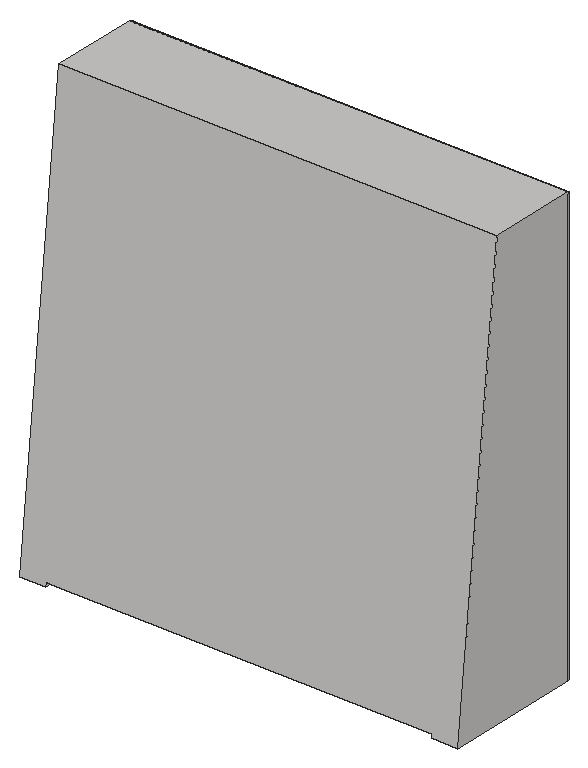
Revit family "PRD_FrankeWS_WlHngWshBsns_AnimaWashbasin_ANMX500,501,600,601", category Plumbing Fixtures, host Face, Revit 2018
Family settings
  Host = Face
  Round Connector Dimension = Use Diameter
  Part Type = Normal
  OmniClass Number = 23.45.05.14.14
  OmniClass Title = Sinks/Lavatories
  Cut with Voids When Loaded = No
  Shared = No
  Room Calculation Point = No
Parameters (values of type "ANMX500 - without taphole")
  WaterSupplyOverflowAndWasteHolesWaterSupply = "No tapholes"
  WaterSupplyOverflowAndWasteHolesWaste = "Center-Center"
  WaterSupplyOverflowAndWasteHolesOverflow = "None"
  WasteSize = 32.048 mm
  WashbasinMaterial = PRD_AR_StainlessSteel_SatinFinished
  WashHandBasinType = "HandRinse"
  WashHandBasinMounting = "WallHung"
  WarrantyStartDate [instance] = "1900-12-31T23:59:59"
  WarrantyGuarantorParts = "n/a"
  WarrantyGuarantorLabor = "n/a"
  WarrantyDurationUnit = "year"
  WarrantyDurationParts = "n/a"
  WarrantyDurationLabor = "n/a"
  WarrantyDescription = "n/a"
  Version = "1"
  Uniclass2015Version = "Products v1.10"
  Uniclass2015Title = "Wall-hung wash basins"
  Uniclass2015Code = "Pr_40_20_96_96"
  URL = "www.kwc.com"
  Type = ANMX500 : ANMX500
  Taphole = no
  TagNumber [instance] = "n/a"
  SustainabilityPerformance = "n/a"
  Standard = "n/a"
  Size = "500 x 500 x 160 mm"
  Shape = "Rectangular"
  SerialNumber [instance] = "n/a"
  Revision = "n/a"
  ReplacementCost = "n/a"
  ProductInformation = "https://pim.kwc.com/product/2000056724/attachment/datasheet?locale=en"
  OverflowClass = "n/a"
  NominalWidth = 500 mm
  NominalHeight = 160 mm
  NominalDepth = 500 mm
  NetWeight = 9.00 kg
  Name = "ANIMA wall-hung wash basin ANMX500"
  NBSTypeID = "n/a"
  NBSReference = "45-35-70/369"
  NBSOfficeMasterTag = "n/a"
  NBSNote = "n/a"
  NBSDescription = "Wall hung wash basins"
  NBSCertification = "n/a"
  ModelReference = "ANMX500"
  ModelNumber = "2000056724"
  Model = ModelReference  # "ANMX500"
  MaterialsFinishAndColour = "Stainless steel, satin finished"
  MaterialsBody = "Stainless steel 1.4301"
  Material = "Stainless steel"
  ManufacturerURL = "www.kwc.com"
  ManufacturerName = "KWC Group AG"  # constant formula
  Manufacturer = ManufacturerName  # "KWC Group AG"
  IntegralAccessories = "Incl. stainless steel screws and dowels"
  InstallationDate [instance] = "1900-12-31T23:59:59"
  IfcExportType = "WASHHANDBASIN"
  IfcExportAs = "IfcSanitaryTerminalType"
  GrossWeight = 10.20 kg
  Grade = "n/a"
  Form = "Wall hung wash basin"
  Finish = "Satin finished"
  Features = "stainless steel, 1.20 mm, satin finished, wall mounting, 500x160x500 mm (WxHxD)"
  ExpectedLife = "n/a"
  DurationUnit = "year"
  DrainSize = "DN 32 (1 1/4 inch.)"
  Description = "Wash basin for disabled for wall mounting, stainless steel, surface satin finished, material thickness 1.2 mm, seamless welded round bowl with diameter 350 mm, rectangular shape, 75 mm tap ledge, without overflow, seamless welded waste with 32 mm drain pipe, drainage centric, prewelded mounting brackets, for recessed trap mounting - trap not included, mounting conform to EN 31, disabled accessible mounting possible, incl. stainless steel screws and dowels. width 500 mm, without taphole"
  Default Elevation = 850 mm
  CreatedOn = "12/2018"  # constant formula
  Constituents = "n/a"
  ConnectingDimensions = "n/a"
  Color = "Stainless steel"
  CodePerformance = "n/a"
  Category = "Pr_40_20_96_96, Wall-hung wash basins"
  BarCode [instance] = "n/a"
  BIMObjectName = "PRD_AR_WallHungWashBasins_AnimaWashbasin_ANMX500"
  Author = "Archispace"  # constant formula
  AssetType = "Fixed"
  AssetIdentifier [instance] = "n/a"
  AccessibilityPerformance = "n/a"
Types (4, lengths in mm): name | WaterSupplyOverflowAndWasteHolesWaterSupply | Type | Taphole | Size | ProductInformation | NominalWidth | NetWeight | Name | ModelReference | ModelNumber | Model | GrossWeight | Features | Description | BIMObjectName
  ANMX500 - without taphole | "No tapholes" | ANMX500 : ANMX500 | no | "500 x 500 x 160 mm" | "https://pim.kwc.com/product/2000056724/attachment/datasheet?locale=en" | 500 | 9.00 kg | "ANIMA wall-hung wash basin ANMX500" | "ANMX500" | "2000056724" | "ANMX500" | 10.20 kg | "stainless steel, 1.20 mm, satin finished, wall mounting, 500x160x500 mm (WxHxD)" | "Wash basin for disabled for wall mounting, stainless steel, surface satin finished, material thickness 1.2 mm, seamless welded round bowl with diameter 350 mm, rectangular shape, 75 mm tap ledge, without overflow, seamless welded waste with 32 mm drain pipe, drainage centric, prewelded mounting brackets, for recessed trap mounting - trap not included, mounting conform to EN 31, disabled accessible mounting possible, incl. stainless steel screws and dowels. width 500 mm, without taphole" | "PRD_AR_WallHungWashBasins_AnimaWashbasin_ANMX500"
  ANMX501 - with taphole | "Single tap hole, middle, 35 mm" | ANMX500 : ANMX500 | yes | "500 x 500 x 160 mm" | "https://pim.kwc.com/product/2000056774/attachment/datasheet?locale=en" | 500 | 9.20 kg | "ANIMA wall-hung wash basin ANMX501" | "ANMX501" | "2000056774" | "ANMX501" | 10.40 kg | "stainless steel, 1.20 mm, satin finished, wall mounting, 500x160x500 mm (WxHxD)" | "Wash basin for disabled for wall mounting, stainless steel, surface satin finished, material thickness 1.2 mm, seamless welded round bowl with diameter 350 mm, rectangular shape, 75 mm tap ledge, without overflow, seamless welded waste with 32 mm drain pipe, drainage centric, prewelded mounting brackets, for recessed trap mounting - trap not included, mounting conform to EN 31, disabled accessible mounting possible, incl. stainless steel screws and dowels. width 500 mm, with taphole, centered" | "PRD_AR_WallHungWashBasins_AnimaWashbasin_ANMX501"
  ANMX600 - without taphole | "No tapholes" | ANMX600 : ANMX600 | no | "600 x 500 x 160 mm" | "https://pim.kwc.com/product/2000100022/attachment/datasheet?locale=en" | 600 | 11.50 kg | "ANIMA wall-hung wash basin ANMX600" | "ANMX600" | "2000100022" | "ANMX600" | 13.60 kg | "stainless steel, 1.20 mm, satin finished, wall mounting, 600x160x500 mm (WxHxD)" | "Wash basin for disabled for wall mounting, stainless steel, surface satin finished, material thickness 1.2 mm, seamless welded round bowl with diameter 350 mm, rectangular shape, 75 mm tap ledge, without overflow, seamless welded waste with 32 mm drain pipe, drainage centric, prewelded mounting brackets, for recessed trap mounting - trap not included, mounting conform to EN 31, disabled accessible mounting possible, incl. stainless steel screws and dowels. width 600 mm, without taphole" | "PRD_AR_WallHungWashBasins_AnimaWashbasin_ANMX600"
  ANMX601 - with taphole | "Single tap hole, middle, 35 mm" | ANMX600 : ANMX600 | yes | "600 x 500 x 160 mm" | "https://pim.kwc.com/product/2000100023/attachment/datasheet?locale=en" | 600 | 12.00 kg | "ANIMA wall-hung wash basin ANMX601" | "ANMX601" | "2000100023" | "ANMX601" | 13.80 kg | "stainless steel, 1.20 mm, satin finished, wall mounting, 600x160x500 mm (WxHxD)" | "Wash basin for disabled for wall mounting, stainless steel, surface satin finished, material thickness 1.2 mm, seamless welded round bowl with diameter 350 mm, rectangular shape, 75 mm tap ledge, without overflow, seamless welded waste with 32 mm drain pipe, drainage centric, prewelded mounting brackets, for recessed trap mounting - trap not included, mounting conform to EN 31, disabled accessible mounting possible, incl. stainless steel screws and dowels. width 600 mm, with taphole, centered" | "PRD_AR_WallHungWashBasins_AnimaWashbasin_ANMX601"
Reference planes
  plane 1 "Center (Front/Back)": y = 0
  plane 2: z = 0
  plane 3 "Center (Left/Right)": x = 0
Dimensions and locks
  aligned and locked: plane 2 to host face
  aligned and locked: level to host face
Nested families
  nested 1: "ANMX500" at (0, 0, 0) x (1, 0, 0) z (0, 1, 0), type <- "Type", type "ANMX500"
Connectors
  piping at (0, -116.472, 49.334), diameter 32.048, driven by "WasteSize", driven by "DrainSize"
    settings: on nested 1, index 1, connector inside diameter 609.6 mm, connector length 0 mm, flow factor 0, pipe flow 0.0 L/s, pressure drop 0.0 Pa, fitting loss kfactor 0, connector angle 0.00°, fixture units 0, engagement length 0 mm, angle of deflection 0.00°, flow configuration 2, flow direction 2, fitting loss method 0, system type 16, joint type 0, gender type 0, connector reference index -1, connector utility 0, adjustable connector no, is connector primary yes, connector description "DN 32 (1 1/4 inch.)"
Definition of nested family "ANMX500"
  Parameters (values of type "ANMX500")
    Taphole = yes
    Material = none
    Default Elevation = 0 mm
  Reference planes
    plane 1 "Center (Front/Back)": y = 0
    plane 2: z = 0
    plane 3 "Center (Left/Right)": x = 0
    plane 4: y = -250
    plane 5: x = -250
    plane 6: x = 250
    plane 7: x = -246
    plane 8: x = 246
  Forms (mm)
    Extrusion 1, solid, material <- "Material", detail levels fine
      sketch origin (0, 0, 0) x (0, 1, 0) y (0, 0, 1)
        loop
          line (0, 0) -> (-500, 0) -> (-500, -105) -> (0, -160) -> (0, 0)
      from -250 to 250
    Extrusion 2, void
      sketch origin (0, 0, 0) x (0, 1, 0) y (0, 0, 1)
        loop
          line (-4, -2) -> (-496, -2) -> (-496, -101.416) -> (-4, -155.536) -> (-4, -2)
      from -246 to 246
    Extrusion 3, void
      sketch origin (0, 0, 0) x (0, 1, 0) y (0, 0, 1)
        loop
          line (0, -45) -> (-4, -45) -> (-4, -159.56) -> (0, -160) -> (0, -45)
      from -220 to 220
    Extrusion 4, void
      sketch origin (0, 0, 0) x (1, 0, 0) y (0, 1, 0)
        loop
          circle (0, -250) r 173.5
      from -2 to 250
    Revolve 5, solid, material <- "Material", detail levels fine
      sketch origin (0, 0, 0) x (0, 1, 0) y (0, 0, 1)
        loop
          line (-250, -81) -> (-250, -83)
          arc (-250, -83) -> (-152.858, -61.784) -> (-73.407, -2) r 233
          line (-73.407, -2) -> (-76.055, -2)
          arc (-76.055, -2) -> (-154.478, -60.325) -> (-250, -81) r 231
        axis (-250, -83) -> (-250, -2)
      angle from 0 to 360
    Extrusion 6, void
      sketch origin (0, 0, 0) x (1, 0, 0) y (0, 1, 0)
        loop
          arc (-4.306, -247.994) -> (-4.246, -247.312) -> (-4.638, -246.752) r 1
          line (-4.638, -246.752) -> (-6.089, -245.737)
          arc (-6.089, -245.737) -> (-6.901, -245.585) -> (-7.551, -246.097) r 1
          arc (-7.551, -246.097) -> (-8.5, -250) -> (-7.551, -253.903) r 8.5
          arc (-7.551, -253.903) -> (-6.901, -254.415) -> (-6.089, -254.263) r 1
          line (-6.089, -254.263) -> (-4.638, -253.248)
          arc (-4.638, -253.248) -> (-4.246, -252.688) -> (-4.306, -252.006) r 1
          arc (-4.306, -252.006) -> (-4.75, -250) -> (-4.306, -247.994) r 4.75
        loop
          arc (-2.517, -239.549) -> (-1.133, -237.287) -> (-3.395, -235.903) r 1.875
          arc (-3.395, -235.903) -> (-10.253, -239.747) -> (-14.097, -246.605) r 14.5
          arc (-14.097, -246.605) -> (-12.713, -248.867) -> (-10.451, -247.483) r 1.875
          arc (-10.451, -247.483) -> (-7.601, -242.399) -> (-2.517, -239.549) r 10.75
        loop
          circle (0, -250) r 2.5
        loop
          arc (2.006, -245.694) -> (2.688, -245.754) -> (3.248, -245.362) r 1
          line (3.248, -245.362) -> (4.263, -243.911)
          arc (4.263, -243.911) -> (4.415, -243.099) -> (3.903, -242.449) r 1
          arc (3.903, -242.449) -> (0, -241.5) -> (-3.903, -242.449) r 8.5
          arc (-3.903, -242.449) -> (-4.415, -243.099) -> (-4.263, -243.911) r 1
          line (-4.263, -243.911) -> (-3.248, -245.362)
          arc (-3.248, -245.362) -> (-2.688, -245.754) -> (-2.006, -245.694) r 1
          arc (-2.006, -245.694) -> (0, -245.25) -> (2.006, -245.694) r 4.75
        loop
          arc (10.451, -247.483) -> (12.713, -248.867) -> (14.097, -246.605) r 1.875
          arc (14.097, -246.605) -> (10.253, -239.747) -> (3.395, -235.903) r 14.5
          arc (3.395, -235.903) -> (1.133, -237.287) -> (2.517, -239.549) r 1.875
          arc (2.517, -239.549) -> (7.601, -242.399) -> (10.451, -247.483) r 10.75
        loop
          arc (4.306, -252.006) -> (4.246, -252.688) -> (4.638, -253.248) r 1
          line (4.638, -253.248) -> (6.089, -254.263)
          arc (6.089, -254.263) -> (6.901, -254.415) -> (7.551, -253.903) r 1
          arc (7.551, -253.903) -> (8.5, -250) -> (7.551, -246.097) r 8.5
          arc (7.551, -246.097) -> (6.901, -245.585) -> (6.089, -245.737) r 1
          line (6.089, -245.737) -> (4.638, -246.752)
          arc (4.638, -246.752) -> (4.246, -247.312) -> (4.306, -247.994) r 1
          arc (4.306, -247.994) -> (4.75, -250) -> (4.306, -252.006) r 4.75
        loop
          arc (2.517, -260.451) -> (1.133, -262.713) -> (3.395, -264.097) r 1.875
          arc (3.395, -264.097) -> (10.253, -260.253) -> (14.097, -253.395) r 14.5
          arc (14.097, -253.395) -> (12.713, -251.133) -> (10.451, -252.517) r 1.875
          arc (10.451, -252.517) -> (7.601, -257.601) -> (2.517, -260.451) r 10.75
        loop
          arc (-2.006, -254.306) -> (-2.688, -254.246) -> (-3.248, -254.638) r 1
          line (-3.248, -254.638) -> (-4.263, -256.089)
          arc (-4.263, -256.089) -> (-4.415, -256.901) -> (-3.903, -257.551) r 1
          arc (-3.903, -257.551) -> (0, -258.5) -> (3.903, -257.551) r 8.5
          arc (3.903, -257.551) -> (4.415, -256.901) -> (4.263, -256.089) r 1
          line (4.263, -256.089) -> (3.248, -254.638)
          arc (3.248, -254.638) -> (2.688, -254.246) -> (2.006, -254.306) r 1
          arc (2.006, -254.306) -> (0, -254.75) -> (-2.006, -254.306) r 4.75
        loop
          arc (-10.451, -252.517) -> (-12.713, -251.133) -> (-14.097, -253.395) r 1.875
          arc (-14.097, -253.395) -> (-10.253, -260.253) -> (-3.395, -264.097) r 14.5
          arc (-3.395, -264.097) -> (-1.133, -262.713) -> (-2.517, -260.451) r 1.875
          arc (-2.517, -260.451) -> (-7.601, -257.601) -> (-10.451, -252.517) r 10.75
      from -74.173 to -85.979
    Sweep 7, solid, material <- "Material", detail levels medium+fine
      path origin (0, 0, 0) x (0, 1, 0) y (0, 0, 1)
        loop
          line (-250, -82.388) -> (-250, -109.486) -> (-49.334, -116.472)
      profile origin (0, -250, -95.937) x (1, 0, 0) y (0, 1, 0)
        loop
          circle (0, 0) r 16
    Sweep 8, void
      path in 3D
        loop
          line (-250, -500, 0) -> (-250, 0, 0) -> (250, 0, 0) -> (250, -500, 0) -> (-250, -500, 0)
      profile origin (0, -500, 0) x (0, -1, 0) y (0, 0, 1)
        loop
          line (0, 0) -> (-3, 0)
          arc (-3, 0) -> (-0.879, -0.879) -> (0, -3) r 3
          line (0, -3) -> (0, 0)
    Extrusion 9, solid, material <- "Material", detail levels medium
      sketch origin (0, 0, 0) x (0, 1, 0) y (0, 0, 1)
        loop
          line (0, -160) -> (0, 0) -> (-500, 0) -> (-500, -105) -> (0, -160)
      from -250 to 250
    Revolve 10, void
      sketch origin (0, 0, 0) x (0, 1, 0) y (0, 0, 1)
        loop
          arc (-250, -81) -> (-154.262, -59.753) -> (-76.5, 0) r 226.316
          line (-76.5, 0) -> (-250, 0) -> (-250, -81)
        axis (-250, -81) -> (-250, 0)
      angle from 0 to 360
    Extrusion 11, solid, material <- "Material", detail levels coarse
      sketch origin (0, 0, 0) x (0, 1, 0) y (0, 0, 1)
        loop
          line (0, -160) -> (0, 0) -> (-500, 0) -> (-500, -105) -> (0, -160)
      from -250 to 250
  Cuts and joins
    Extrusion 2, Extrusion 3, Extrusion 4, Sweep 8 cuts Extrusion 1
    Extrusion 6 cuts Revolve 5
    Revolve 10 cuts Extrusion 9
  Lines and regions (mm)
    sketch lines
      curve 1: line (250, -500, 0) -> (-250, -500, 0)
      curve 2: line (250, 0, 0) -> (250, -500, 0)
      curve 3: line (250, 0, 0) -> (-250, 0, 0)
      curve 4: line (-250, -500, 0) -> (-250, 0, 0)
    model lines, detail levels coarse
      curve 5: circle (0, -250, 0) r 173.5 normal (0, 0, 1)
    model lines, visible <- "Taphole"
      curve 6: circle (0, -38, 0) r 17.5 normal (0, 0, 1)
  Dimensions and locks
    locked: plane 5 to plane 7 at 4
    locked: plane 8 to plane 6 at 4
    aligned and locked: level to plane 2
    aligned and locked: Extrusion 1 to plane 5
    aligned and locked: Extrusion 1 to plane 6
    aligned and locked: Extrusion 2 to plane 8
    aligned and locked: cut or joined group of Extrusion 1, Extrusion 2, Extrusion 3, Extrusion 4, Sweep 8 to plane 7
    aligned and locked: plane 4 to Revolve 5 sketch curve
    aligned and locked: Extrusion 9 to plane 6
    aligned and locked: Extrusion 9 to plane 5
    aligned and locked: Extrusion 11 to plane 6
    aligned and locked: Extrusion 11 to plane 5
